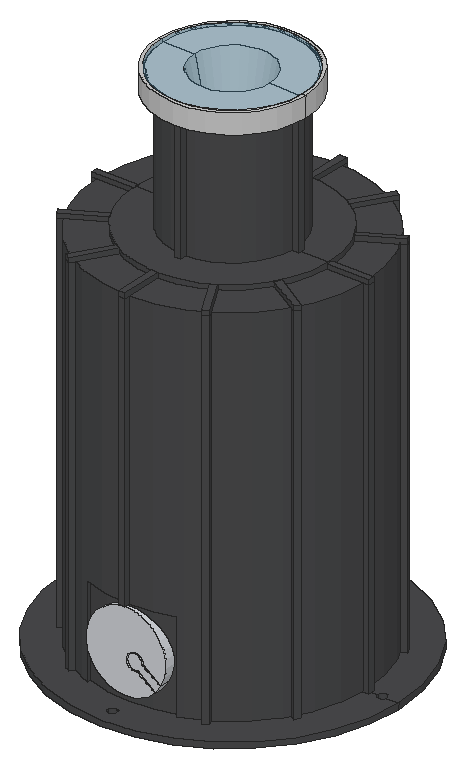
Revit family "FLOOR INGROUND 5W_LKB0125WW.18", category Luminarias, Revit 2019
Family settings
  Cota de conector redondo = Diámetro de uso
  Tipo de pieza = Normal
  Se basa en plano de trabajo = Sí
  Siempre vertical = No
  Corte con vacíos al cargar = No
  Origen de luz = Sí
  Compartido = No
  Punto de cálculo de habitación = No
Parameters (values of type "EMP_LKB0125WW.18")
  Ángulo de inclinación = 105.00°
  Ángulo de enfoque = 18.00°
  Ángulo de campo de foco = 18.00°
  Zone [instance] = ""
  Watt per fixture = 6.5
  Wattage = 3.29873 W
  built-in parameter 1150107 = 3000 (stored number, unit not read)
  built-in parameter 1150110 = 1 (stored number, unit not read)
  built-in parameter 1150109 = 1 (stored number, unit not read)
  built-in parameter 1150112 = 1 (stored number, unit not read)
  built-in parameter 1150113 = 1 (stored number, unit not read)
  built-in parameter 1114218 = 1 (stored number, unit not read)
  Keynote = ""
  built-in parameter 1150137 = (empty or 0)
  built-in parameter 1150132 = 2
  Modelo = "LKB0125WW.18"
  Lámpara = "SHARP"
  Longitud de símbolo de origen de luz = 500 mm
  built-in parameter 1150105 = 1638.3 (stored number, unit not read)
  built-in parameter 1150102 = (empty or 0)
  built-in parameter 1150106 = 16.383 (stored number, unit not read)
  Lumens = 490 lm
  Color Filter = 16777215
  built-in parameter 1114217 = 1 (stored number, unit not read)
  built-in parameter 1150139 = (empty or 0)
  Fabricante = "BRILLANT"
  Default Elevation = 0 mm
  built-in parameter 1150104 = 13.8 (stored number, unit not read)
  Descripción = "LUMINARIA TIPO CIRCULAR PARA EMPOTRAR EN PISO CON CUERPO DE ALUMINIO FUNDIDO A PRESION CUBIERTO CON POLVO GRIS OSCURO, CON CUBIERTA DE ACERO INOXIDABLE Y VIDRIO TEMPLADO DE 4MM, HOUSING TIPO ABS DE 68.8MM DE DIAMETRO Y 149.7MM DE PROFUNDO. CUENTA CON 1 LED COB TIPO SHARP CON UNA POTENCIA TOTAL DE 6.5W, A UNA TEMPERATURA EN BLANCO CALIDO 3000K CON 490 LUMENES, 52mA EN CORRIENTE DE OPERACIÓN, IP67, IK06, IRC 80, DISPONIBLE PARA ATENUAR EN TRIAC (OPCIONAL), APERTURA EN 18 GRADOS POR PROYECTO, ALIMENTADA A 90-240V"
  built-in parameter 1150115 = 1 (stored number, unit not read)
  built-in parameter 1150114 = 1 (stored number, unit not read)
  Comentarios de vataje = "90-240V"
  built-in parameter 1150138 = (empty or 0)
  built-in parameter 1150134 = (empty or 0)
  Circuit [instance] = ""
  Dimming Lamp Color Temperature Shift = (empty or 0)
  built-in parameter 1150133 = 10 (stored number, unit not read)
Reference planes
  plane 1 "Centro (Frontal/Posterior)": y = 0
  plane 2: z = 0
  plane 3 "Centro (Izquierda/Derecha)": x = 0
  plane 4: z = -220
  plane 5: z = -128
  plane 6 "PEND": y = 20
  plane 7 "Centro I/E": y = -15
  plane 8: x = -77.5
  plane 9: x = 77.5
Forms (mm)
  Revolve 1, solid, material "Acero Inoxidable"
    sketch origin (0, 0, 0) x (1, 0, 0) y (0, 0, 1)
      loop
        line (-5.847, -45.88) -> (-16.334, 3.457) -> (-29.677, 3.457) -> (-29.677, 2.669) -> (-30.604, 2.669) -> (-30.604, 4.239) -> (-31.899, 4.239) -> (-31.899, -4.48) -> (-31.093, -4.48) -> (-31.093, -0.88) -> (-23.036, -0.88) -> (-23.036, -137.34) -> (-15.607, -137.34) -> (-15.607, -172.34) -> (0, -172.34) -> (0, -45.88) -> (-5.847, -45.88)
      axis (0, 4.239) -> (0, -172.34)
    angle from 0 to 360
  Extrusion 2, solid, material "Cristal"
    sketch origin (0, 0, 0) x (1, 0, 0) y (0, 1, 0)
      loop
        circle (0, 0) r 30.604
    from 3.457 to 4.239
  Extrusion 3, solid, material "Plastico"
    sketch origin (0, 0, 0) x (1, 0, 0) y (0, 1, 0)
      loop
        circle (0, 0) r 10
    from -178.507 to -176.391
  Extrusion 4, solid, material "Cobre"
    sketch origin (0, 0, 0) x (1, 0, 0) y (0, 1, 0)
      loop
        line (12.101, 0) -> (6.051, 10.48) -> (-6.051, 10.48) -> (-12.101, 0) -> (-6.051, -10.48) -> (6.051, -10.48) -> (12.101, 0)
    from -176.391 to -172.578
  Revolve 5, solid, material "Plastico"
    sketch origin (0, 0, 0) x (1, 0, 0) y (0, 0, 1)
      loop
        line (-31.081, -0.88) -> (-31.081, -4.48) -> (-26.899, -4.48) -> (-26.899, -56.964) -> (-41.899, -56.964) -> (-41.899, -59.017) -> (-57.65, -59.017) -> (-57.65, -217.5) -> (-72.11, -217.5) -> (-72.11, -220) -> (-30.747, -220) -> (0, -220) -> (0, -217.5) -> (-54.097, -217.5) -> (-54.097, -62.57) -> (-23.276, -62.57) -> (-23.276, -0.88) -> (-31.081, -0.88)
      axis (0, -0.88) -> (0, -220)
    angle from 0 to 360
  Extrusion 6, solid, material "Plastico"
    sketch origin (0, 0, 0) x (1, 0, 0) y (0, 1, 0)
      loop
        line (-57.635, 1.342) -> (-60.008, 1.342) -> (-60.008, -1.342) -> (-57.635, -1.342)
        arc (-57.635, -1.342) -> (-57.65, 0) -> (-57.635, 1.342) r 59.642
      loop
        arc (-49.228, -29.97) -> (-49.912, -28.815) -> (-50.57, -27.645) r 59.642
        line (-50.57, -27.645) -> (-52.648, -28.844) -> (-51.305, -31.17) -> (-49.228, -29.97)
      loop
        arc (-27.655, -50.585) -> (-28.825, -49.926) -> (-29.98, -49.242) r 59.642
        line (-29.98, -49.242) -> (-31.152, -51.272) -> (-28.827, -52.614) -> (-27.655, -50.585)
      loop
        arc (1.342, -57.635) -> (0, -57.65) -> (-1.342, -57.635) r 59.642
        line (-1.342, -57.635) -> (-1.342, -59.979) -> (1.342, -59.979) -> (1.342, -57.635)
      loop
        arc (57.635, 1.342) -> (57.65, 0) -> (57.635, -1.342) r 59.642
        line (57.635, -1.342) -> (60.008, -1.342) -> (60.008, 1.342) -> (57.635, 1.342)
      loop
        line (49.228, -29.97) -> (51.305, -31.17) -> (52.648, -28.844) -> (50.57, -27.645)
        arc (50.57, -27.645) -> (49.912, -28.815) -> (49.228, -29.97) r 59.642
      loop
        line (27.655, -50.585) -> (28.827, -52.614) -> (31.152, -51.272) -> (29.98, -49.242)
        arc (29.98, -49.242) -> (28.825, -49.926) -> (27.655, -50.585) r 59.642
      loop
        line (-49.228, 29.97) -> (-51.305, 31.17) -> (-52.648, 28.844) -> (-50.57, 27.645)
        arc (-50.57, 27.645) -> (-49.912, 28.815) -> (-49.228, 29.97) r 59.642
      loop
        line (-27.655, 50.585) -> (-28.827, 52.614) -> (-31.152, 51.272) -> (-29.98, 49.242)
        arc (-29.98, 49.242) -> (-28.825, 49.926) -> (-27.655, 50.585) r 59.642
      loop
        line (1.342, 57.635) -> (1.342, 59.979) -> (-1.342, 59.979) -> (-1.342, 57.635)
        arc (-1.342, 57.635) -> (0, 57.65) -> (1.342, 57.635) r 59.642
      loop
        arc (49.228, 29.97) -> (49.912, 28.815) -> (50.57, 27.645) r 59.642
        line (50.57, 27.645) -> (52.648, 28.844) -> (51.305, 31.17) -> (49.228, 29.97)
      loop
        arc (27.655, 50.585) -> (28.825, 49.926) -> (29.98, 49.242) r 59.642
        line (29.98, 49.242) -> (31.152, 51.272) -> (28.827, 52.614) -> (27.655, 50.585)
    from -217.5 to -59.017
  Extrusion 7, void
    sketch origin (3.125, 0, 0) x (1, 0, 0) y (0, 1, 0)
      loop
        circle (-3.125, -65.006) r 1.981
      loop
        circle (61.851, -0.03) r 1.981
      loop
        circle (-68.101, -0.03) r 1.981
      loop
        circle (-3.095, 64.976) r 1.981
    from -220 to -216.767
  Extrusion 8, void
    sketch origin (0, 0, 0) x (1, 0, 0) y (0, 1, 0)
      loop
        line (-1.342, -57.635) -> (-1.342, -59.979) -> (1.342, -59.979) -> (1.342, -57.635) -> (-1.342, -57.635)
    from -217.5 to -178.507
  Extrusion 9, void
    sketch origin (0, 0, 0) x (1, 0, 0) y (0, 1, 0)
      loop
        line (19.48, -54.534) -> (19.48, -52.675)
        arc (19.48, -52.675) -> (0, -56.103) -> (-19.48, -52.675) r 57.056
        line (-19.48, -52.675) -> (-19.48, -54.534)
        arc (-19.48, -54.534) -> (0, -57.963) -> (19.48, -54.534) r 57.056
    from -217.5 to -178.507
  Extrusion 10, solid
    sketch origin (0, 0, 0) x (1, 0, 0) y (0, 0, 1)
      loop
        arc (15.228, -205.467) -> (-13.875, -187.312) -> (12.384, -209.381) r 17.194
        line (12.384, -209.381) -> (4.761, -203.843)
        arc (4.761, -203.843) -> (0.929, -198.068) -> (7.605, -199.928) r 3.698
        line (7.605, -199.928) -> (15.228, -205.467)
      loop
        line (4.897, -203.076) -> (12.864, -208.865) -> (14.886, -206.083) -> (6.918, -200.294)
        arc (6.918, -200.294) -> (1.496, -198.48) -> (4.897, -203.076) r 2.998
    from 53.411 to 57.635
  Extrusion 11, solid, material "Plastico"
    sketch origin (0, 0, 0) x (1, 0, 0) y (0, 1, 0)
      loop
        line (-1.342, -59.979) -> (1.342, -59.979) -> (1.342, -41.877) -> (-1.342, -41.877) -> (-1.342, -59.979)
      loop
        line (-60.008, 1.342) -> (-60.008, -1.342) -> (-41.876, -1.342) -> (-41.876, 1.342) -> (-60.008, 1.342)
      loop
        line (-31.152, -51.272) -> (-28.827, -52.614) -> (-19.776, -36.938) -> (-22.101, -35.595) -> (-31.152, -51.272)
      loop
        line (-52.648, -28.844) -> (-51.305, -31.17) -> (-35.629, -22.119) -> (-36.971, -19.794) -> (-52.648, -28.844)
      loop
        line (60.008, 1.342) -> (41.876, 1.342) -> (41.876, -1.342) -> (60.008, -1.342) -> (60.008, 1.342)
      loop
        line (31.152, -51.272) -> (22.101, -35.595) -> (19.776, -36.938) -> (28.827, -52.614) -> (31.152, -51.272)
      loop
        line (52.648, -28.844) -> (36.971, -19.794) -> (35.629, -22.119) -> (51.305, -31.17) -> (52.648, -28.844)
      loop
        line (-1.342, 59.979) -> (-1.342, 41.877) -> (1.342, 41.877) -> (1.342, 59.979) -> (-1.342, 59.979)
      loop
        line (-31.152, 51.272) -> (-22.101, 35.595) -> (-19.776, 36.938) -> (-28.827, 52.614) -> (-31.152, 51.272)
      loop
        line (-52.648, 28.844) -> (-36.971, 19.794) -> (-35.629, 22.119) -> (-51.305, 31.17) -> (-52.648, 28.844)
      loop
        line (31.152, 51.272) -> (28.827, 52.614) -> (19.776, 36.938) -> (22.101, 35.595) -> (31.152, 51.272)
      loop
        line (52.648, 28.844) -> (51.305, 31.17) -> (35.629, 22.119) -> (36.971, 19.794) -> (52.648, 28.844)
    from -59.017 to -56.964
  Extrusion 12, solid, material "Plastico"
    sketch origin (0, 0, 0) x (1, 0, 0) y (0, 1, 0)
      loop
        line (-1.342, -26.899) -> (-1.342, -29.761) -> (1.342, -29.761) -> (1.342, -26.899) -> (-1.342, -26.899)
      loop
        line (-26.899, 1.342) -> (-29.761, 1.342) -> (-29.761, -1.342) -> (-26.899, -1.342) -> (-26.899, 1.342)
      loop
        line (26.899, 1.342) -> (26.899, -1.342) -> (29.761, -1.342) -> (29.761, 1.342) -> (26.899, 1.342)
      loop
        line (-1.342, 26.899) -> (1.342, 26.899) -> (1.342, 29.761) -> (-1.342, 29.761) -> (-1.342, 26.899)
    from -56.964 to -4.48
Cuts and joins
  Extrusion 7, Extrusion 9 cuts Revolve 5
  Extrusion 7, Extrusion 8, Extrusion 9 cuts Revolve 1
  Extrusion 8 cuts Extrusion 6
Dimensions and locks
  plane 2 to plane 4 = 220 mm
  level to plane 4 = 220 mm
  level to Extrusion 3 = 178.507 mm
  plane 3 "Centro (Izquierda/Derecha)" to Revolve 5 sketch curve = 31.081 mm
  plane 3 "Centro (Izquierda/Derecha)" to Revolve 5 sketch curve = 72.11 mm
  Revolve 1 sketch curve to Revolve 1 sketch curve = 31.899 mm
  aligned and locked: level to plane 2
Connectors
  electrical at (0, 0, -220)
    settings: on cut or joined group of Revolve 5, Extrusion 7, Extrusion 9, index 1, voltage 240 V, apparent load 0 VA, apparent load phase1 0 VA, apparent load phase2 0 VA, apparent load phase3 0 VA, power factor 1, load classification "Otro", number of poles 1, system type 31, power factor state 1, is connector primary yes, connector utility no, sub classification motor no, connector description ""
